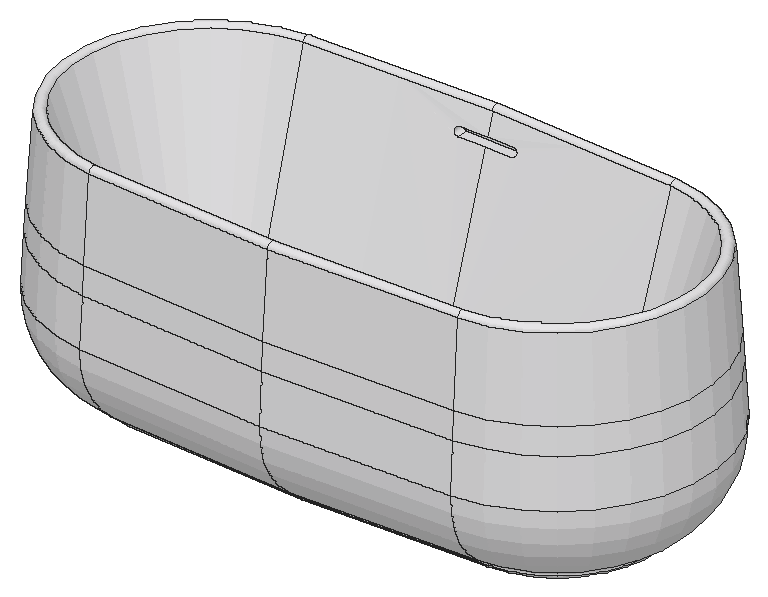
Revit family "Bath-Freestanding-KOHLER-Ceric-K-8335", category Plumbing Fixtures, host Face, Revit 2017
Family settings
  Host = Face
  Round Connector Dimension = Use Diameter
  Part Type = Normal
  OmniClass Number = 23.31.15.00
  OmniClass Title = Bathtubs
  Cut with Voids When Loaded = No
  Shared = No
  Room Calculation Point = No
Parameters (values of type "0-White")
  Width = 28 7/8"  # constant formula
  WaterSense Certified = 1 = 0  # no
  Waste Water Outlet = "Waste Water Outlet"  # constant formula
  Waste Connection = 1 = 1  # yes
  Vent Connection = 1 = 0  # no
  URL = "https://www.us.kohler.com/us/"
  Product Page URL = "http://www.us.kohler.com/us/catalog/productDetails.jsp?productNumber=8335"
  Product Name = "Ceric"  # constant formula
  Product Documentation Link = "https://www.us.kohler.com/webassets/kpna/catalog/pdf/en/K-8335_spec.pdf"
  Model = "K-8335-0"  # constant formula
  Material = "Lithocast "  # constant formula
  MasterFormat 2004 = "22.41.19"  # constant formula
  MasterFormat 1995 = "15410"  # constant formula
  Manufacturer Address = "444 Highland Dr, Kohler, WI 53044"  # constant formula
  Manufacturer = "KOHLER Co."  # constant formula
  Length = 59 11/16"  # constant formula
  Hot Water Inlet = "Hot Water Inlet"  # constant formula
  Height = 23"  # constant formula
  HW Connection = 1 = 0  # no
  Finish = Kohler-Lithocast-0-White
  Environmental Product Declaration = ""
  Drain Included = 1 = 1  # yes
  Description = "60 inch x 29 inch freestanding bath with center toe-tap drain"  # constant formula
  Default Elevation = 0"
  Declare Label = ""
  Date Modified = "01/21/2020"  # constant formula
  Date Created = "01/21/2020"  # constant formula
  Copyright = "Copyright KOHLER Co."  # constant formula
  Contact Us = "https://www.us.kohler.com/us/static/contact.jsp"
  Cold Water Inlet = "Cold Water Inlet"  # constant formula
  CW Connection = 1 = 0  # no
  Assembly Code = "D2010500"
  ADA Compliant = 1 = 0  # no
Reference planes (in)
  plane 1 "Center (Front/Back)": y = 0
  plane 2: z = 0
  plane 3 "Center (Left/Right)": x = 0
  plane 4: y = 14.4375
  plane 5: x = -29.84375
  plane 6: y = -14.4375
  plane 7: x = 29.84375
  plane 8: z = 23
  plane 9: x = -24.875
  plane 10: x = 24.875
  plane 11: y = 9.40625
  plane 12: y = -9.40625
  plane 13: z = 0.875
  plane 14: z = 0.6360855
  plane 15: z = 20.375
  plane 16: z = 2.4375
  plane 17: y = 13.40625
  plane 18: y = -13.40625
Dimensions and locks (in)
  "Width": plane 6 to plane 4
  "Length": plane 5 to plane 7
  "Height": plane 8 to level
  locked: plane 4 to plane 1 "Center (Front/Back)" at 14.4375
  locked: plane 5 to plane 3 "Center (Left/Right)" at 29.84375
  locked: plane 9 to plane 10 at 49.75
  locked: plane 11 to plane 12 at 18.8125
  locked: plane 15 to plane 8 at 2.625
  locked: plane 16 to plane 2 at 2.4375
  locked: plane 17 to plane 18 at 26.8125
  locked: plane 13 to plane 2 at 0.875
  aligned and locked: plane 2 to host face
  aligned and locked: level to host face
Automatic sketch dimensions
  host sketch curve to host sketch curve = 96"  (x2)
Nested families (in)
  nested 1: "K-8335" at (0, 0, 0), type "K-8335"
Connectors (in)
  piping at (0, 0, 0), diameter 1.5, driven by "Waste Connection", driven by "Waste Water Outlet"
    settings: on nested 1, index 1, connector inside diameter 24", connector length 0", flow factor 0, pipe flow 0 GPM, pressure drop 0.00 psi, fitting loss kfactor 0, connector angle 0.00°, fixture units 0, engagement length 0", angle of deflection 0.00°, flow configuration 0, flow direction 2, fitting loss method 0, system type 16, joint type 0, gender type 0, connector reference index -1, connector utility 1, adjustable connector no, is connector primary yes, connector description "Waste Water Outlet"
Definition of nested family "K-8335"
  Parameters (values of type "K-8335")
    Finish = none
  Reference planes (in)
    plane 1 "Center (Front/Back)": y = 0
    plane 2: z = 0
    plane 3 "Center (Left/Right)": x = 0
    plane 4: z = 23
    plane 5: x = -29.84375
    plane 6: x = 29.84375
    plane 7: y = 14.4375
    plane 8: y = -14.4375
    plane 9: x = -24.875
    plane 10: x = 24.875
    plane 11: z = 0.875
    plane 12: y = 9.40625
    plane 13: y = -9.40625
    plane 14: z = 20.375
    plane 15: z = 0.6360855
  Forms (in)
    Extrusion 1, solid, material <- "Finish", detail levels medium+fine
      sketch origin (0, 0, 0) x (1, 0, 0) y (0, 1, 0)
        loop
          arc (-16.264718, -2.9385737) -> (-8.1388896, -3.4274732) -> (0, -3.590527) r 203.2094177
          arc (0, -3.590527) -> (8.1388896, -3.4274732) -> (16.264718, -2.9385737) r 203.2094177
          arc (16.264718, -2.9385737) -> (18.9767917, 0) -> (16.264718, 2.9385737) r 2.9480318
          arc (16.264718, 2.9385737) -> (8.1388896, 3.4274732) -> (0, 3.590527) r 203.2094177
          arc (0, 3.590527) -> (-8.1388896, 3.4274732) -> (-16.264718, 2.9385737) r 203.2094177
          arc (-16.264718, 2.9385737) -> (-18.9767917, 0) -> (-16.264718, -2.9385737) r 2.9480318
      from 0 to 3.6733632
    Revolve 2, solid, material <- "Finish", detail levels medium+fine
      sketch origin (0, 0, 0) x (1, 0, 0) y (0, 0, 1)
        loop
          line (0, 0.875) -> (0, 4.1133352)
          arc (0, 4.1133352) -> (-1.1546571, 4.081428) -> (-2.3057901, 3.985804) r 20.9083439
          arc (-2.3057901, 3.985804) -> (-2.4449685, 3.8214079) -> (-2.2885093, 3.6733632) r 0.1566983
          line (-2.2885093, 3.6733632) -> (-0.75, 3.6733632) -> (-0.75, 0.875) -> (0, 0.875)
        axis (0, 4.1133352) -> (0, 0.875)
      angle from 0 to 360
    Revolve 3, void
      sketch origin (0, 0, 0) x (1, 0, 0) y (0, 0, 1)
        loop
          line (0, 0.7595679) -> (0, 3.6733632) -> (-3, 3.6733632)
          arc (-3, 3.6733632) -> (-2.0484532, 3.4598055) -> (-1.2794296, 2.8600966) r 2.2266776
          arc (-1.2794296, 2.8600966) -> (-1.2216047, 2.7581065) -> (-1.201547, 2.6425929) r 0.3426537
          line (-1.201547, 2.6425929) -> (-1.201547, 0.7595679) -> (0, 0.7595679)
        axis (0, 3.6733632) -> (0, 0.7595679)
      angle from 0 to 360
    Sweep 4, solid, material <- "Finish", detail levels medium+fine
      path origin (0, 0, 0) x (1, 0, 0) y (0, 1, 0)
        loop
          arc (-17.1328996, 13.7507293) -> (-29.8237475, 0) -> (-17.1328996, -13.7507293) r 13.7949876
          arc (-17.1328996, -13.7507293) -> (-8.573329, -14.2657255) -> (0, -14.4374827) r 214.0563735
          arc (0, -14.4374827) -> (8.573329, -14.2657255) -> (17.1328996, -13.7507293) r 214.0563735
          arc (17.1328996, -13.7507293) -> (29.8237475, 0) -> (17.1328996, 13.7507293) r 13.7949876
          arc (17.1328996, 13.7507293) -> (8.573329, 14.2657255) -> (0, 14.4374827) r 214.0563735
          arc (0, 14.4374827) -> (-8.573329, 14.2657255) -> (-17.1328996, 13.7507293) r 214.0563735
      profile origin (-29.8237475, 0, 0) x (1, 0, 0) y (0, 0, 1)
        loop
          arc (0.4100319, 15.1270398) -> (0.3468123, 13.935122) -> (0.2665373, 12.7442312) r 83.380545
          arc (0.2665373, 12.7442312) -> (0.1243076, 10.528071) -> (0.0280807, 8.3094373) r 107.0477527
          arc (0.0280807, 8.3094373) -> (1.2116417, 3.7796672) -> (4.6749067, 0.6292023) r 8.2265625
          arc (4.6749067, 0.6292023) -> (4.8733238, 0.4525745) -> (4.9487475, 0.1978629) r 0.484375
          arc (4.9487475, 0.1978629) -> (5.007999, 0.0578319) -> (5.1486224, 0) r 0.1998851
          line (5.1486224, 0) -> (10.8469557, 0) -> (10.8469557, 3.6739866) -> (9.5338611, 3.6739866)
          arc (9.5338611, 3.6739866) -> (8.3582905, 4.0559526) -> (7.631748, 5.0559526) r 2
          line (7.631748, 5.0559526) -> (1.9103686, 22.6645479)
          arc (1.9103686, 22.6645479) -> (1.3975644, 22.997313) -> (0.9657543, 22.5645997) r 0.4854824
          arc (0.9657543, 22.5645997) -> (0.6344379, 18.8498138) -> (0.4100319, 15.1270398) r 129.7417187
    Extrusion 5, solid, material <- "Finish", detail levels medium+fine
      sketch origin (0, 0, 0) x (1, 0, 0) y (0, 1, 0)
        loop
          circle (0, 0) r 0.1160102
      from 0 to 0.0267826
    Sweep 6, solid, material <- "Finish", detail levels coarse
      path origin (0, 0, 0) x (1, 0, 0) y (0, 1, 0)
        loop
          line (15.4063168, 14.4375) -> (-15.406374, 14.4375)
          arc (-15.406374, 14.4375) -> (-29.843874, 0) -> (-15.406374, -14.4375) r 14.4375
          line (-15.406374, -14.4375) -> (15.4063168, -14.4375)
          arc (15.4063168, -14.4375) -> (29.8438168, 0) -> (15.4063168, 14.4375) r 14.4375
      profile origin (-29.843874, 0, 0) x (1, 0, 0) y (0, 0, 1)
        loop
          arc (0.4301584, 15.1270398) -> (0.3669388, 13.935122) -> (0.2866638, 12.7442312) r 83.380545
          arc (0.2866638, 12.7442312) -> (0.0902021, 9.4105751) -> (-0.0021807, 6.0724131) r 107.0477527
          arc (-0.0021807, 6.0724131) -> (1.7292166, 1.7830389) -> (5.9973824, 0) r 6
          line (5.9973824, 0) -> (7.750124, 0) -> (7.750124, 3.6733632) -> (5.2992778, 3.6733632)
          arc (5.2992778, 3.6733632) -> (3.1432005, 4.5664397) -> (2.250124, 6.722517) r 3.0491538
          line (2.250124, 6.722517) -> (2.250124, 23) -> (1.0317728, 23)
          arc (1.0317728, 23) -> (0.6710594, 19.0680977) -> (0.4301584, 15.1270398) r 129.7417187
    Extrusion 7, solid, material <- "Finish", detail levels coarse
      sketch origin (0, 0, 0) x (1, 0, 0) y (0, 1, 0)
        loop
          arc (-15.406374, 6.687376) -> (-22.09375, 0) -> (-15.406374, -6.687376) r 6.687376
          line (-15.406374, -6.687376) -> (15.4063168, -6.687376)
          arc (15.4063168, -6.687376) -> (22.0936928, 0) -> (15.4063168, 6.687376) r 6.687376
          line (15.4063168, 6.687376) -> (-15.406374, 6.687376)
      from 0 to 3.6733632
    Extrusion 8, void
      sketch origin (0, 0, 0) x (1, 0, 0) y (0, 0, 1)
        loop
          arc (-2.5076263, 20.75) -> (-2.8826263, 20.375) -> (-2.5076263, 20) r 0.375
          line (-2.5076263, 20) -> (2.5076263, 20)
          arc (2.5076263, 20) -> (2.8826263, 20.375) -> (2.5076263, 20.75) r 0.375
          line (2.5076263, 20.75) -> (-2.5076263, 20.75)
      from -12.667533 to -10.6306961
  Cuts and joins
    Revolve 3 cuts Extrusion 1
    Extrusion 8 cuts Sweep 4
    joined: Extrusion 1, Sweep 4, Extrusion 5
    joined: Sweep 6, Extrusion 7
  Lines and regions (in)
    Masking region 1
      outline origin (0, 0, 0) x (1, 0, 0) y (0, 1, 0)
        loop
          arc (-17.1345013, -13.7706758) -> (-10.450511, -14.2022613) -> (-3.7562908, -14.424536) r 214.0763841
          arc (-3.7562908, -14.424536) -> (0.8880873, -14.4348989) -> (5.5322195, -14.3859989) r 363.973911
          arc (5.5322195, -14.3859989) -> (11.3375356, -14.1570633) -> (17.1345013, -13.7706758) r 214.0763841
          arc (17.1345013, -13.7706758) -> (26.1808503, -9.3695876) -> (29.84375, 0) r 13.8149894
          arc (29.84375, 0) -> (26.1808445, 9.3695888) -> (17.1344919, 13.7706765) r 13.8149989
          arc (17.1344919, 13.7706765) -> (11.3375309, 14.1570635) -> (5.5322195, 14.3859989) r 214.0763841
          arc (5.5322195, 14.3859989) -> (0.8880873, 14.4348989) -> (-3.7562908, 14.424536) r 363.973911
          arc (-3.7562908, 14.424536) -> (-10.4505063, 14.2022615) -> (-17.1344919, 13.7706765) r 214.0763841
          arc (-17.1344919, 13.7706765) -> (-26.1808445, 9.3695888) -> (-29.84375, 0) r 13.8149989
          arc (-29.84375, 0) -> (-26.1808503, -9.3695876) -> (-17.1345013, -13.7706758) r 13.8149894
    Masking region 2
      outline origin (0, 0, 0) x (1, 0, 0) y (0, 0, 1)
        loop
          arc (-29.4137156, 15.1270398) -> (-29.4769352, 13.935122) -> (-29.5572102, 12.7442312) r 83.380545
          arc (-29.5572102, 12.7442312) -> (-29.749785, 9.4995021) -> (-29.8437581, 6.2504221) r 107.0477527
          arc (-29.8437581, 6.2504221) -> (-28.1613441, 2.8950961) -> (-25.1637449, 0.6360855) r 8.2284502
          arc (-25.1637449, 0.6360855) -> (-24.9548819, 0.4594671) -> (-24.875, 0.1978629) r 0.484375
          arc (-24.875, 0.1978629) -> (-24.8157485, 0.0578319) -> (-24.6751251, 0) r 0.1998851
          line (-24.6751251, 0) -> (24.6751251, 0)
          arc (24.6751251, 0) -> (24.8157485, 0.0578319) -> (24.875, 0.1978629) r 0.1998851
          arc (24.875, 0.1978629) -> (24.9548819, 0.4594671) -> (25.1637449, 0.6360855) r 0.484375
          arc (25.1637449, 0.6360855) -> (28.1613441, 2.8950961) -> (29.8437581, 6.2504221) r 8.2284502
          arc (29.8437581, 6.2504221) -> (29.749785, 9.4995021) -> (29.5572102, 12.7442312) r 107.0477527
          arc (29.5572102, 12.7442312) -> (29.4769352, 13.935122) -> (29.4137156, 15.1270398) r 83.380545
          arc (29.4137156, 15.1270398) -> (29.1893096, 18.8498138) -> (28.8579932, 22.5645997) r 129.7417187
          arc (28.8579932, 22.5645997) -> (28.6991665, 22.8760143) -> (28.372314, 23) r 0.4854824
          line (28.372314, 23) -> (-28.372314, 23)
          arc (-28.372314, 23) -> (-28.6991665, 22.8760143) -> (-28.8579932, 22.5645997) r 0.4854824
          arc (-28.8579932, 22.5645997) -> (-29.1893096, 18.8498138) -> (-29.4137156, 15.1270398) r 129.7417187
    Masking region 3
      outline origin (0, 0, 0) x (0, 1, 0) y (0, 0, 1)
        loop
          arc (14.0074313, 15.1270398) -> (13.7830253, 18.8498138) -> (13.4517089, 22.5645997) r 129.7417187
          arc (13.4517089, 22.5645997) -> (13.2928822, 22.8760143) -> (12.9660297, 23) r 0.4854824
          line (12.9660297, 23) -> (-12.9660297, 23)
          arc (-12.9660297, 23) -> (-13.2928822, 22.8760143) -> (-13.4517089, 22.5645997) r 0.4854824
          arc (-13.4517089, 22.5645997) -> (-13.7830253, 18.8498138) -> (-14.0074313, 15.1270398) r 129.7417187
          arc (-14.0074313, 15.1270398) -> (-14.0706509, 13.935122) -> (-14.1509259, 12.7442312) r 83.380545
          arc (-14.1509259, 12.7442312) -> (-14.3435007, 9.4995021) -> (-14.4374738, 6.2504221) r 107.0477527
          arc (-14.4374738, 6.2504221) -> (-12.7550598, 2.8950961) -> (-9.7574607, 0.6360855) r 8.2284502
          arc (-9.7574607, 0.6360855) -> (-9.5485976, 0.4594671) -> (-9.4687157, 0.1978629) r 0.484375
          arc (-9.4687157, 0.1978629) -> (-9.4094642, 0.0578319) -> (-9.2688408, 0) r 0.1998851
          line (-9.2688408, 0) -> (9.2688408, 0)
          arc (9.2688408, 0) -> (9.4094642, 0.0578319) -> (9.4687157, 0.1978629) r 0.1998851
          arc (9.4687157, 0.1978629) -> (9.5485976, 0.4594671) -> (9.7574607, 0.6360855) r 0.484375
          arc (9.7574607, 0.6360855) -> (12.7550598, 2.8950961) -> (14.4374738, 6.2504221) r 8.2284502
          arc (14.4374738, 6.2504221) -> (14.3435007, 9.4995021) -> (14.1509259, 12.7442312) r 107.0477527
          arc (14.1509259, 12.7442312) -> (14.0706509, 13.935122) -> (14.0074313, 15.1270398) r 83.380545
    symbolic lines, detail levels medium+fine
      curve 1: arc (-17.0544527, 12.7738848, 0) -> (-25.4459844, 8.6913701, 0) -> (-28.84375, -0.0000003, 0) r 12.8149989
      curve 2: arc (-28.84375, -0.0000003, 0) -> (-25.4459899, -8.6913692, 0) -> (-17.0544621, -12.7738841, 0) r 12.8149894
      curve 3: arc (-17.0544621, -12.7738841, 0) -> (-8.5340787, -13.2865224, 0) -> (0, -13.4574934, 0) r 213.0763841
      curve 4: arc (0, -13.4574934, 0) -> (8.5340787, -13.2865224, 0) -> (17.0544621, -12.7738841, 0) r 213.0763841
      curve 5: arc (17.0544621, -12.7738841, 0) -> (25.4459899, -8.6913692, 0) -> (28.84375, -0.0000003, 0) r 12.8149894
      curve 6: arc (28.84375, -0.0000003, 0) -> (25.4459844, 8.6913701, 0) -> (17.0544527, 12.7738848, 0) r 12.8149989
      curve 7: arc (17.0544527, 12.7738848, 0) -> (8.534074, 13.2865226, 0) -> (0, 13.4574934, 0) r 213.0763841
      curve 8: arc (0, 13.4574934, 0) -> (-8.534074, 13.2865226, 0) -> (-17.0544527, 12.7738848, 0) r 213.0763841
      curve 9: arc (-16.934394, 11.2786972, 0) -> (-24.3436942, 7.6740421, 0) -> (-27.34375, -0.0000008, 0) r 11.3149989
      curve 10: arc (-27.34375, -0.0000008, 0) -> (-24.3436993, -7.6740416, 0) -> (-16.9344033, -11.2786965, 0) r 11.3149894
      curve 11: arc (-16.9344033, -11.2786965, 0) -> (-8.4740011, -11.787726, 0) -> (0, -11.9574934, 0) r 211.5763841
      curve 12: arc (0, -11.9574934, 0) -> (8.4740011, -11.787726, 0) -> (16.9344033, -11.2786965, 0) r 211.5763841
      curve 13: arc (16.9344033, -11.2786965, 0) -> (24.3436993, -7.6740416, 0) -> (27.34375, -0.0000008, 0) r 11.3149894
      curve 14: arc (27.34375, -0.0000008, 0) -> (24.3436942, 7.674042, 0) -> (16.934394, 11.2786972, 0) r 11.3149989
      curve 15: arc (16.934394, 11.2786972, 0) -> (8.4739965, 11.7877262, 0) -> (0, 11.9574934, 0) r 211.5763841
      curve 16: arc (0, 11.9574934, 0) -> (-8.4739965, 11.7877262, 0) -> (-16.934394, 11.2786972, 0) r 211.5763841
      curve 25: line (-25.1637449, 0, 0.6360855) -> (25.1637449, 0, 0.6360855)
      curve 26: line (0, 9.7574607, 0.6360855) -> (0, -9.7574607, 0.6360855)
      curve 28: arc (0, 11.66135, 0) -> (-1.2700098, 11.657533, 0) -> (-2.5399738, 11.6460819, 0) r 211.2802408
      curve 29: spline (-2.5399738, 11.6460819, 0) -> (-2.6330504, 11.6520525, 0) -> (-2.7176184, 11.6648563, 0) -> (-2.7887144, 11.6837418, 0) -> (-2.8421657, 11.7076006, 0) -> (-2.874835, 11.7350323, 0) -> (-2.884805, 11.7644271, 0) -> (-2.8714905, 11.7940595, 0) -> (-2.8356729, 11.8221905, 0) -> (-2.7794545, 11.847169, 0) -> (-2.7061349, 11.867529, 0) -> (-2.6200171, 11.8820755, 0) -> (-2.5261558, 11.8899548, 0)
      curve 30: arc (-2.5261558, 11.8899548, 0) -> (-1.2631004, 11.9012685, 0) -> (0, 11.9050398, 0) r 211.5239306
      curve 31: arc (2.53346, 11.6461601, 0) -> (1.2667528, 11.6575525, 0) -> (0, 11.66135, 0) r 211.2802408
      curve 32: spline (2.5321207, 11.8898835, 0) -> (2.6257127, 11.8823817, 0) -> (2.7112186, 11.8681782, 0) -> (2.7836151, 11.8481073, 0) -> (2.8386489, 11.8233483, 0) -> (2.8730869, 11.7953556, 0) -> (2.8849057, 11.7657738, 0) -> (2.8734111, 11.7363409, 0) -> (2.8392785, 11.708786, 0) -> (2.7845129, 11.6847279, 0) -> (2.7123319, 11.6655801, 0) -> (2.6269761, 11.6524674, 0) -> (2.53346, 11.6461601, 0)
      curve 33: arc (0, 11.9050398, 0) -> (1.266083, 11.9012507, 0) -> (2.5321207, 11.8898835, 0) r 211.5239306
    symbolic lines
      curve 17: arc (-15.5791931, 6.5758348, 0) -> (0.000318, 7.5060054, 0) -> (15.5798245, 6.5757592, 0) r 130.9310833
      curve 18: arc (-15.5808615, -6.5756349, 0) -> (0, -7.5060054, 0) -> (15.5808615, -6.5756349, 0) r 130.9310833
      curve 19: arc (-17.5071497, 5.0460685, 0) -> (-18.3956003, -0.0357652, 0) -> (-17.4825584, -5.1132383, 0) r 14.7734733
      curve 20: arc (17.5068961, 5.0467664, 0) -> (18.3956012, -0.035394, 0) -> (17.4825584, -5.1132383, 0) r 14.7734733
      curve 21: arc (-17.4825584, -5.1132383, 0) -> (-16.7326055, -6.1056808, 0) -> (-15.5808615, -6.5756349, 0) r 2.3476563
      curve 22: arc (17.5068961, 5.0467664, 0) -> (16.7596586, 6.0838751, 0) -> (15.5798245, 6.5757592, 0) r 2.3476563
      curve 23: arc (17.4825584, -5.1132383, 0) -> (16.7326055, -6.1056808, 0) -> (15.5808615, -6.5756349, 0) r 2.3476563
      curve 24: circle (0, 0, 0) r 2.5 normal (0, 0, 1)
      curve 27: arc (-17.5071497, 5.0460685, 0) -> (-16.7595905, 6.0837036, 0) -> (-15.5791931, 6.5758348, 0) r 2.3486715
  Dimensions and locks (in)
    plane 4 to level = 23"
    plane 3 "Center (Left/Right)" to plane 5 = 29 27/32"
    plane 7 to plane 1 "Center (Front/Back)" = 14 7/16"
    plane 10 to plane 3 "Center (Left/Right)" to plane 9 = 24 7/8", 24 7/8"
    plane 10 to plane 9 = 49 3/4"
    plane 11 to level = 7/8"
    plane 12 to plane 1 "Center (Front/Back)" to plane 13 = 9 13/32", 9 13/32"
    plane 12 to plane 13 = 18 13/16"
    plane 4 to plane 14 = 2 5/8"
    aligned and locked: plane 2 to level
